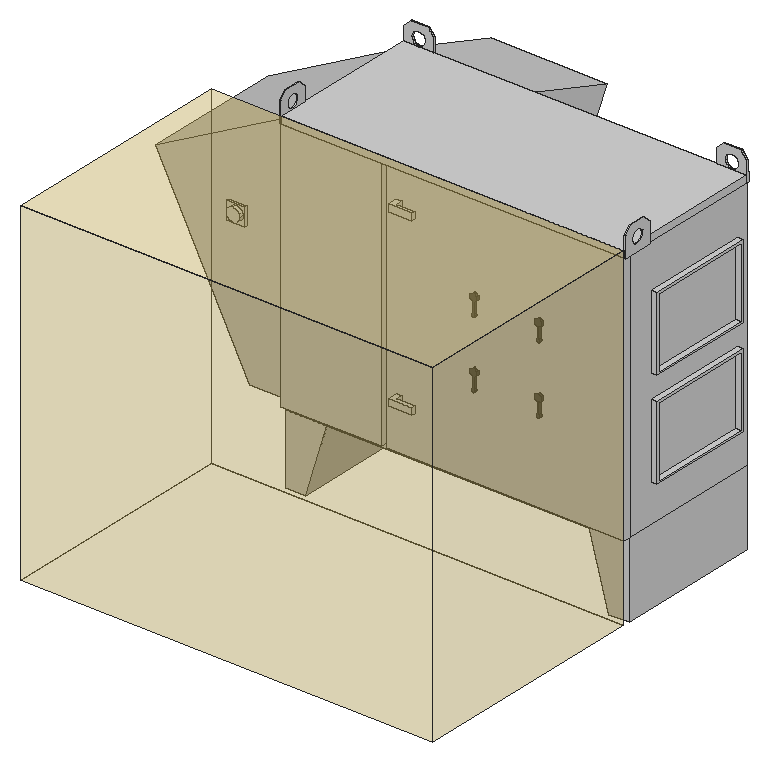
Revit family "Ventilator-RenewAire-Energy-Recovery-HE1XRTC", category Mechanical Equipment, Revit 2015
Parameters (values of type "120V Single Phase")
  Voltage = "120"
  Ventilation Type = "Static Plate, Heat and Humidity Transfer"
  Unit Width = "40-1/2\""
  Unit Weight = "269-356 lbs."
  Unit Length = "73-1/4\""
  Unit Height = "50\""
  Unit = Metal - RenewAire - Anodized - Gray Text
  URL = "www.renewaire.com"
  Typical Airflow Range = "500-900 CFM"
  Standard Features = "Non-Fused Disconnect, 24VAC Transformer/Relay Package"
  Shipping Weight = "450 lbs."
  Service Area Visibility = yes
  Service Area Box = Interference - RenewAire - Smooth - Light - Gold
  Revit Object Download Link = ""
  Phase = "Single"
  Options = "Qty. 2 EC Motor - 0.5 HP 120V/1Ph/60Hz, 0.5 HP 208-230V/1Ph/60Hz, Integrated programmable controls, Fused disconnect, Double wall construction, Qty. 2 Factory mounted filter alarms, Independent blower control, Exterior Paint - white, custom colors, Rooftop RTC transition paint - white, custom colors"
  Optional Motorized Damper - FA & EA = yes
  Number Motors = "Qty. 2, 0.75 HP ea., Direct drive blower/standard motor packages"
  Model = "HE1XRTC"
  Minimum Circuit Amps = "20.3"
  Maximum Overcurrent Protection = "25 A"
  Max. Shipping Width = "47\""
  Max. Shipping Length = "96\""
  Max. Shipping Height = "50\""
  Manufacturer = "RenewAire LLC"
  Frequency = "60 HZ"
  FLA per Motor = "9.0"
  Description = "Energy Recovery Ventilator"
  Accessories = "Filters - MERV 13, 2\" (shipped loose), RTC transition kit - for vertical RTU, for horizontqal RTU, Digital time clock - wall mount(TC7D-W), in exterior enclosure (TC7D-E), Motion occupancy control - ceiling mount(MC-C), wall mount(MC-W), Carbon dioxide control - wall mount (CO2-W), duct mount(CO2-D)"
  AHRI 1060 Certified Core = "One L125-G5"
Types (6): name | Voltage | Phase | Minimum Circuit Amps | Maximum Overcurrent Protection | FLA per Motor
  (no name) | "120" | "Single" | "20.3" | "25 A" | "9.0"
  120V Single Phase | "120" | "Single" | "20.3" | "25 A" | "9.0"
  208-230V Single Phase | "208-230" | "Single" | "10.1 A" | "15 A" | "4.5"
  277V Single Phase | "270" | "Single" | "8.8 A" | "15 A" | "3.9"
  208-230V Three Phase | "208-230" | "Three" | "5.2" | "15 A" | "1.7-2.3"
  460V Three Phase | "460" | "Three" | "2.6 A" | "15 A" | "1.15"
Reference planes (in)
  plane 1 "Center (Front/Back)": y = 0
  plane 2: z = 0
  plane 3 "Center (Left/Right)": x = 0
Forms (in)
  Extrusion 1, solid, material "Metal - RenewAire - Anodized - Gray Text" <- "Unit"
    sketch origin (0, 0, 0) x (1, 0, 0) y (0, 1, 0)
      loop
        line (-26.4375, 11.5) -> (-26.4375, -10.375) -> (24.5625, -10.375) -> (24.5625, 11.5) -> (-26.4375, 11.5)
    from 10.375 to 48.875
  Extrusion 2, solid, material "Metal - RenewAire - Anodized - Gray Text"
    sketch origin (-2.6875, 0, 14) x (1, 0, 0) y (0, 0, 1)
      loop
        line (27.25, 34.875) -> (-8, 34.875) -> (-8, -2.75) -> (27.25, -2.75) -> (27.25, 34.875)
      loop
        line (-23.75, 34.875) -> (-23.75, -2.7812) -> (-8.76605, -2.7812) -> (-8.76605, 34.875) -> (-23.75, 34.875)
    from 10.375 to 11.375
  Extrusion 3, solid, material "Metal - RenewAire - Anodized - Gray Text"
    sketch origin (-13.375, 0, 12.94) x (1, 0, 0) y (0, 0, 1)
      loop
        line (-22.3125, 21.875) -> (-22.3125, 19.185) -> (-19.6225, 19.185) -> (-19.6225, 21.875) -> (-22.3125, 21.875)
    from 9.5 to 9.75
  Extrusion 4, solid, material "Metal - RenewAire - Anodized - Gray Text"
    sketch origin (-13.375, 0, 12.94) x (1, 0, 0) y (0, 0, 1)
      loop
        circle (-20.9675, 20.53) r 1
    from 10.25 to 9.75
  Extrusion 5, solid, material "Interference - RenewAire - Smooth - Light - Gold" <- "Service Area Box", visible <- "Service Area Visibility"
    sketch origin (-1.875, 0, 15) x (1, 0, 0) y (0, 0, 1)
      loop
        line (-34.8125, 34.875) -> (-34.8125, -15) -> (26.4375, -15) -> (26.4375, 34.875) -> (-34.8125, 34.875)
    from 11.375 to 46.875
  Extrusion 6, solid, material "Metal - RenewAire - Anodized - Gray Text" <- "Unit"
    sketch origin (0, 0, 0) x (1, 0, 0) y (0, 0, 1)
      loop
        line (-26.4375, 49.875) -> (-26.4375, 48.875) -> (24.5625, 48.875) -> (24.5625, 49.875) -> (-26.4375, 49.875)
    from -11.5 to 11.375
  Extrusion 7, solid, material "Metal - RenewAire - Anodized - Gray Text" <- "Unit"
    sketch origin (0, 0, 10.375) x (0, 1, 0) y (0, 0, 1)
      loop
        line (11.5, 22.625) -> (17.375, 22.625) -> (23.875, 26.125) -> (27.625, 32.75) -> (11.5, 38.5) -> (11.5, 22.625)
    from -26.4375 to -9.1875
  Extrusion 8, solid, material "Metal - RenewAire - Anodized - Gray Text" <- "Unit"
    sketch origin (0, 0, 10.375) x (0, 1, 0) y (0, 0, 1)
      loop
        line (-11.375, 38.5) -> (-6.875, 38.5) -> (-6.875, 41.5) -> (-7.875, 42.5) -> (-10.375, 42.5) -> (-11.375, 41.5) -> (-11.375, 38.5)
      loop
        circle (-9.125, 40.5) r 1
    from 24.5625 to 24.75
  Extrusion 9, solid, material "Metal - RenewAire - Anodized - Gray Text" <- "Unit"
    sketch origin (0, 0, 10.375) x (0, 1, 0) y (0, 0, 1)
      loop
        line (-11.375, 38.5) -> (-6.875, 38.5) -> (-6.875, 41.5) -> (-7.875, 42.5) -> (-10.375, 42.5) -> (-11.375, 41.5) -> (-11.375, 38.5)
      loop
        circle (-9.125, 40.5) r 1
    from -26.625 to -26.4375
  Extrusion 10, solid, material "Metal - RenewAire - Anodized - Gray Text" <- "Unit"
    sketch origin (0, 0, 10.375) x (1, 0, 0) y (0, 0, 1)
      loop
        line (-26.4375, 38.5) -> (-21.9375, 38.5) -> (-21.9375, 41.5) -> (-22.9375, 42.5) -> (-25.4375, 42.5) -> (-26.4375, 41.5) -> (-26.4375, 38.5)
      loop
        circle (-24.1875, 40.5) r 1
    from -11.6875 to -11.5
  Extrusion 11, solid, material "Metal - RenewAire - Anodized - Gray Text" <- "Unit"
    sketch origin (46.5, 0, 10.375) x (1, 0, 0) y (0, 0, 1)
      loop
        line (-26.4375, 38.5) -> (-21.9375, 38.5) -> (-21.9375, 41.5) -> (-22.9375, 42.5) -> (-25.4375, 42.5) -> (-26.4375, 41.5) -> (-26.4375, 38.5)
      loop
        circle (-24.1875, 40.5) r 1
    from -11.6875 to -11.5
  Extrusion 12, solid, material "Metal - RenewAire - Anodized - Gray Text" <- "Unit"
    sketch origin (1.5, 0, 0) x (1, 0, 0) y (0, 1, 0)
      loop
        line (-10.6875, -11.375) -> (-10.6875, -12.875) -> (-7.1875, -12.875) -> (-7.1875, -12.375) -> (-9.9375, -12.375) -> (-9.9375, -11.375) -> (-10.6875, -11.375)
    from 43.875 to 44.875
  Extrusion 13, solid, material "Metal - RenewAire - Anodized - Gray Text" <- "Unit"
    sketch origin (1.5, 0, 0) x (1, 0, 0) y (0, 1, 0)
      loop
        line (-10.6875, -11.375) -> (-10.6875, -12.875) -> (-7.1875, -12.875) -> (-7.1875, -12.375) -> (-9.9375, -12.375) -> (-9.9375, -11.375) -> (-10.6875, -11.375)
    from 18 to 19
  Extrusion 14, solid, material "Metal - RenewAire - Anodized - Gray Text" <- "Unit"
    sketch origin (0, 0, 0) x (1, 0, 0) y (0, 0, 1)
      loop
        line (-26.4375, 10.375) -> (-26.4375, 0) -> (-23.4375, 0) -> (-20.4375, 10.375) -> (-26.4375, 10.375)
      loop
        line (24.5625, 11.25) -> (18.30949, 11.25) -> (21.5625, 0) -> (24.5625, 0) -> (24.5625, 11.25)
    from -11.5 to 10.375
  Extrusion 15, solid, material "Metal - RenewAire - Anodized - Gray Text" <- "Unit"
    sketch origin (0, 0, 0) x (0, 1, 0) y (0, 0, 1)
      loop
        line (-6.5, 28) -> (-6.5, 17) -> (9.5, 17) -> (9.5, 28) -> (-6.5, 28)
      loop
        line (-6.25, 27.75) -> (-6.25, 17.25) -> (9.25, 17.25) -> (9.25, 27.75) -> (-6.25, 27.75)
      loop
        line (-6.5, 42.5) -> (-6.5, 31.5) -> (9.5, 31.5) -> (9.5, 42.5) -> (-6.5, 42.5)
      loop
        line (-6.25, 42.25) -> (-6.25, 31.75) -> (9.25, 31.75) -> (9.25, 42.25) -> (-6.25, 42.25)
    from 24.5625 to 25.5625
  Extrusion 16, solid, material "Metal - RenewAire - Anodized - Gray Text" <- "Unit"
    sketch origin (0, 0, 0) x (1, 0, 0) y (0, 0, 1)
      loop
        line (-26.4375, 48.875) -> (-46.4375, 38.125) -> (-32.4375, 11.2188) -> (-26.4375, 11.2188) -> (-26.4375, 48.875)
    from -11.5 to 9.5
Dimensions and locks (in)
  aligned and locked: level to plane 2
  aligned and locked: nested 1 to Extrusion 5
  aligned and locked: Extrusion 6 to Extrusion 1
Nested families (in)
  nested 1: "Monitoring Port" at (2.4375, -11.375, 23.375), type "Monitoring Port"
  nested 2: "Monitoring Port" at (2.4375, -11.375, 33.375), type "Monitoring Port"
  nested 3: "Monitoring Port" at (12.0625, -11.375, 23.375), type "Monitoring Port"
  nested 4: "Monitoring Port" at (12.0625, -11.375, 33.375), type "Monitoring Port"
Connectors (in)
  hvac at (25.5625, 1.5, 37)
    settings: on Extrusion 15, index 1, duct flow 0 CFM, flow factor 0, pres drop 0.00 in-wg, loss coef 0, conn angle 0.00°, conn width 16", conn height 11", conn diameter 24", duct sys type 1, conn prof type 1, flow config 0, flow direction 2, loss method 0, conn ref index -1, conn util no, is conn primary yes, conn desc "FA (Fresh Air)"
  hvac at (25.5625, 1.5, 22.5)
    settings: on Extrusion 15, index 2, duct flow 0 CFM, flow factor 0, pres drop 0.00 in-wg, loss coef 0, conn angle 0.00°, conn width 16", conn height 11", conn diameter 24", duct sys type 2, conn prof type 1, flow config 0, flow direction 1, loss method 0, conn ref index -1, conn util no, is conn primary no, conn desc "RA (Return Air)"
Definition of nested family "Monitoring Port"
  Parameters
    URL = "www.renewaire.com"
    Revit Object Download Link = ""
    Model = ""
    Manufacturer = "RenewAire LLC"
    Description = "Monitoring Ports"
  Reference planes (in)
    plane 1 "Center (Front/Back)": y = 0
    plane 2: z = 0
    plane 3 "Center (Left/Right)": x = 0
  Forms (in)
    Extrusion 1, solid
      sketch origin (-9.43348, 0, 37.76669) x (-1, 0, 0) y (0, 0, -1)
        loop
          line (-9.53348, 35.65895) -> (-9.94097, 35.42369) -> (-9.94097, 34.83769) -> (-9.43348, 34.54469) -> (-8.92599, 34.83769) -> (-8.92599, 35.42369) -> (-9.33348, 35.65895) -> (-9.33348, 37.28756)
          arc (-9.33348, 37.28756) -> (-9.43348, 37.76669) -> (-9.53348, 37.28756) r 0.25
          line (-9.53348, 37.28756) -> (-9.53348, 35.65895)
      from 0 to 0.25
  Dimensions and locks (in)
    aligned and locked: level to plane 2
